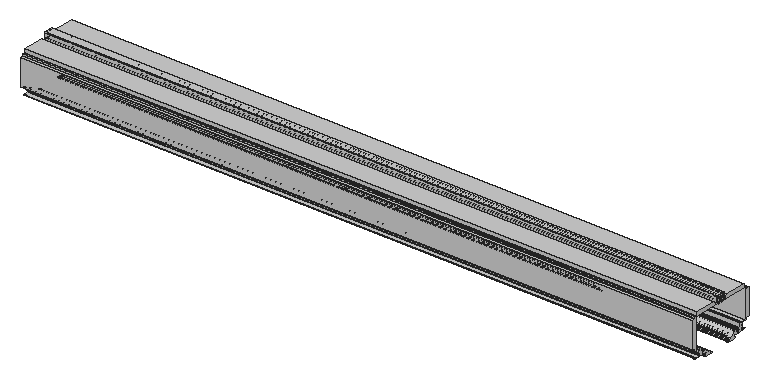
Revit family "ALS-H02", category Electrical Fixtures, host Ceiling, Revit 2018
Family settings
  Host = Ceiling
  Maintain Annotation Orientation = No
  Round Connector Dimension = Use Diameter
  Part Type = Normal
  Always vertical = Yes
  Cut with Voids When Loaded = No
  Shared = No
  Room Calculation Point = No
Parameters (values of type "ALS-H02_12 FEET-UF")
  MATERIAL = UF-UNFINISHED MILL
  Busrun Length = 12' - 0"
Types (5): name | MATERIAL | Busrun Length
  ALS-H02_12 FEETCP | P WHITE | 10' - 0"
  ALS-H02_12 FEET-MB-BLACK | MB-BLACK | 12' - 0"
  ALS-H02_12 FEET-NT BRUSHED ALUMINIUM | NT ALUMINIUM | 12' - 0"
  ALS-H02_12 FEET-P WHITE | P WHITE | 10' - 0"
  ALS-H02_12 FEET-UF | UF-UNFINISHED MILL | 12' - 0"
Reference planes (in)
  plane 1 "Center (Front/Back)": y = 0
  plane 2: z = 0
  plane 3 "Center (Left/Right)": x = 0
  plane 4 "Ceiling": z = 157.48031
  plane 5: x = -72
  plane 6: x = 72
  plane 7: x = -60
  plane 8: x = 60
  plane 9: z = 159.81031
  plane 10: z = 174.81926
  plane 11: z = 162.81926
Lines and regions (in)
  Opening 1
    outline origin (0, 0, 157.48031) x (1, 0, 0) y (0, 1, 0)
      loop
        line (-72, 3.23094) -> (-72, -3.23096) -> (72, -3.23096) -> (72, 3.23094) -> (-72, 3.23094)
Dimensions and locks (in)
  equal spacing: host sketch curve, plane 3 "Center (Left/Right)", host sketch curve
  equal spacing: host sketch curve, plane 1 "Center (Front/Back)", host sketch curve
  host sketch curve to host sketch curve = 13' - 1.48031"  (x2)
  plane 4 "Ceiling" to host ceiling = 0' - 0"
  equal spacing: plane 5, plane 3 "Center (Left/Right)", plane 6
  plane 5 to plane 6 = 12' - 0"
  "Busrun Length": plane 5 to plane 6
  equal spacing: plane 7, plane 3 "Center (Left/Right)", plane 8
  plane 7 to plane 8 = 10' - 0"
  plane 4 "Ceiling" to plane 9 = 0' - 2.33"
  plane 11 to plane 10 = 1' - 0"
  locked: plane 11 to plane 9 at 3.00895
  aligned and locked: nested 1 to plane 1 "Center (Front/Back)"
  aligned and locked: plane 3 "Center (Left/Right)" to nested 1
  aligned and locked: nested 1 to plane 6
  aligned and locked: nested 1 to plane 5
  aligned and locked: Opening 1 sketch curve to plane 5
  aligned and locked: plane 6 to Opening 1 sketch curve
Automatic sketch dimensions
  plane 1 "Center (Front/Back)" to Opening 1 sketch curve = 0' - 3.23096"
  Opening 1 sketch curve to plane 1 "Center (Front/Back)" = 0' - 3.23094"
Nested families (in)
  nested 1: "ALSH02-BUS" at (0, 0, 157.48031), type "ALSH02-BUS"
    with Busrun Length 12' - 0"
Definition of nested family "ALSH02-BUS"
  Parameters (values of type "ALSH02-BUS")
    Busrun Material = none
    Busrun Length = 10' - 0"
  Reference planes (in)
    plane 1 "Center (Front/Back)": y = 0
    plane 2: z = 0
    plane 3 "Center (Left/Right)": x = 0
    plane 4: x = -60
    plane 5: x = 60
  Forms (in)
    Extrusion 1, solid, material <- "Busrun Material"
      sketch origin (0, 0, -0.12912) x (0, 1, 0) y (0, 0, 1)
        loop
          arc (-3.07616, 0.52782) -> (-3.05668, 0.53772) -> (-3.03721, 0.52782) r 0.02411
          arc (-3.03721, 0.52782) -> (-2.92021, 0.5743) -> (-3.04511, 0.5901) r 0.065
          line (-3.04511, 0.5901) -> (-3.08222, 0.60663)
          arc (-3.08222, 0.60663) -> (-3.09282, 0.61874) -> (-3.09046, 0.63467) r 0.01918
          arc (-3.09046, 0.63467) -> (-3.0697, 0.6589) -> (-3.04349, 0.67708) r 0.125
          arc (-3.04349, 0.67708) -> (-3.03319, 0.69238) -> (-3.0405, 0.70931) r 0.01923
          line (-3.0405, 0.70931) -> (-3.41302, 1.00036)
          arc (-3.41302, 1.00036) -> (-3.4341, 1.00257) -> (-3.44533, 0.9846) r 0.02
          line (-3.44533, 0.9846) -> (-3.44533, 0.29112) -> (-2.56333, 0.29112)
          arc (-2.56333, 0.29112) -> (-2.54441, 0.30461) -> (-2.55101, 0.32688) r 0.02
          line (-2.55101, 0.32688) -> (-2.83513, 0.54886)
          arc (-2.83513, 0.54886) -> (-2.85163, 0.55151) -> (-2.86267, 0.53898) r 0.0173
          arc (-2.86267, 0.53898) -> (-2.96198, 0.44321) -> (-3.08895, 0.49717) r 0.125
          arc (-3.08895, 0.49717) -> (-3.09073, 0.5159) -> (-3.07616, 0.52782) r 0.02
        loop
          arc (3.07616, 0.52782) -> (3.09073, 0.5159) -> (3.08895, 0.49717) r 0.02
          arc (3.08895, 0.49717) -> (2.96198, 0.44321) -> (2.86267, 0.53898) r 0.125
          arc (2.86267, 0.53898) -> (2.85163, 0.55151) -> (2.83513, 0.54886) r 0.0173
          line (2.83513, 0.54886) -> (2.55101, 0.32688)
          arc (2.55101, 0.32688) -> (2.54441, 0.30461) -> (2.56333, 0.29112) r 0.02
          line (2.56333, 0.29112) -> (3.44533, 0.29112) -> (3.44533, 0.9846)
          arc (3.44533, 0.9846) -> (3.4341, 1.00257) -> (3.41302, 1.00036) r 0.02
          line (3.41302, 1.00036) -> (3.0405, 0.70931)
          arc (3.0405, 0.70931) -> (3.03319, 0.69238) -> (3.04349, 0.67708) r 0.01923
          arc (3.04349, 0.67708) -> (3.0697, 0.6589) -> (3.09046, 0.63467) r 0.125
          arc (3.09046, 0.63467) -> (3.09282, 0.61874) -> (3.08222, 0.60663) r 0.01918
          line (3.08222, 0.60663) -> (3.04511, 0.5901)
          arc (3.04511, 0.5901) -> (2.92021, 0.5743) -> (3.03721, 0.52782) r 0.065
          arc (3.03721, 0.52782) -> (3.05668, 0.53772) -> (3.07616, 0.52782) r 0.02411
        loop
          arc (2.20432, 0.15572) -> (2.19941, 0.13916) -> (2.21348, 0.12912) r 0.01487
          line (2.21348, 0.12912) -> (2.33271, 0.12912) -> (2.43638, 0.21012)
          arc (2.43638, 0.21012) -> (2.45638, 0.19012) -> (2.47638, 0.21012) r 0.02
          line (2.47638, 0.21012) -> (2.53638, 0.21012)
          arc (2.53638, 0.21012) -> (2.55638, 0.19012) -> (2.57638, 0.21012) r 0.02
          line (2.57638, 0.21012) -> (2.61638, 0.21012)
          arc (2.61638, 0.21012) -> (2.63638, 0.19012) -> (2.65638, 0.21012) r 0.02
          line (2.65638, 0.21012) -> (2.69638, 0.21012)
          arc (2.69638, 0.21012) -> (2.71638, 0.19012) -> (2.73638, 0.21012) r 0.02
          line (2.73638, 0.21012) -> (2.77638, 0.21012)
          arc (2.77638, 0.21012) -> (2.79638, 0.19012) -> (2.81638, 0.21012) r 0.02
          line (2.81638, 0.21012) -> (2.85638, 0.21012)
          arc (2.85638, 0.21012) -> (2.87638, 0.19012) -> (2.89638, 0.21012) r 0.02
          line (2.89638, 0.21012) -> (2.93638, 0.21012)
          arc (2.93638, 0.21012) -> (2.95638, 0.19012) -> (2.97638, 0.21012) r 0.02
          line (2.97638, 0.21012) -> (3.01638, 0.21012)
          arc (3.01638, 0.21012) -> (3.03638, 0.19012) -> (3.05638, 0.21012) r 0.02
          line (3.05638, 0.21012) -> (3.09638, 0.21012)
          arc (3.09638, 0.21012) -> (3.11638, 0.19012) -> (3.13638, 0.21012) r 0.02
          line (3.13638, 0.21012) -> (3.17638, 0.21012)
          arc (3.17638, 0.21012) -> (3.19638, 0.19012) -> (3.21638, 0.21012) r 0.02
          line (3.21638, 0.21012) -> (3.25638, 0.21012)
          arc (3.25638, 0.21012) -> (3.27638, 0.19012) -> (3.29638, 0.21012) r 0.02
          line (3.29638, 0.21012) -> (3.33638, 0.21012)
          arc (3.33638, 0.21012) -> (3.35638, 0.19012) -> (3.37638, 0.21012) r 0.02
          line (3.37638, 0.21012) -> (3.41638, 0.21012)
          arc (3.41638, 0.21012) -> (3.43638, 0.19012) -> (3.45638, 0.21012) r 0.02
          line (3.45638, 0.21012) -> (3.49638, 0.21012)
          arc (3.49638, 0.21012) -> (3.51638, 0.19012) -> (3.53638, 0.21012) r 0.02
          line (3.53638, 0.21012) -> (3.57638, 0.21012)
          arc (3.57638, 0.21012) -> (3.59638, 0.19012) -> (3.61638, 0.21012) r 0.02
          line (3.61638, 0.21012) -> (3.65638, 0.21012)
          arc (3.65638, 0.21012) -> (3.67638, 0.19012) -> (3.69638, 0.21012) r 0.02
          line (3.69638, 0.21012) -> (3.73638, 0.21012)
          arc (3.73638, 0.21012) -> (3.75638, 0.19012) -> (3.77638, 0.21012) r 0.02
          line (3.77638, 0.21012) -> (3.77638, 0.43012) -> (3.71638, 0.43012) -> (3.71638, 0.29012) -> (3.52638, 0.29012) -> (3.52638, 1.07012) -> (3.71638, 1.07012) -> (3.71638, 0.81512) -> (4.398, 0.81512) -> (4.398, 0.87512) -> (4.258, 0.87512) -> (4.258, 1.07012) -> (5.038, 1.07012) -> (5.038, 0.87512) -> (4.898, 0.87512) -> (4.898, 0.81512) -> (6.65793, 0.81512)
          arc (6.65793, 0.81512) -> (6.67283, 0.82129) -> (6.679, 0.83619) r 0.02107
          line (6.679, 0.83619) -> (6.679, 0.89512) -> (6.63899, 0.89512) -> (6.60522, 0.87562) -> (5.468, 0.87562) -> (5.388, 0.95562) -> (5.388, 1.45562) -> (5.638, 1.45562) -> (5.638, 1.67562) -> (5.578, 1.67562) -> (5.578, 1.53562) -> (5.388, 1.53562) -> (5.388, 2.31562) -> (5.578, 2.31562) -> (5.578, 2.17562) -> (5.638, 2.17562) -> (5.638, 2.39562) -> (5.288, 2.39562) -> (5.288, 1.55825)
          arc (5.288, 1.55825) -> (5.27284, 1.53884) -> (5.25034, 1.54885) r 0.02
          arc (5.25034, 1.54885) -> (5.14545, 1.615) -> (5.03519, 1.55824) r 0.125
          arc (5.03519, 1.55824) -> (5.03294, 1.54208) -> (5.04391, 1.53) r 0.01925
          line (5.04391, 1.53) -> (5.07993, 1.51495)
          arc (5.07993, 1.51495) -> (5.20438, 1.49905) -> (5.08895, 1.44989) r 0.065
          arc (5.08895, 1.44989) -> (5.07566, 1.45838) -> (5.05998, 1.45679) r 0.02398
          line (5.05998, 1.45679) -> (5.02524, 1.44058)
          arc (5.02524, 1.44058) -> (5.1349, 1.36523) -> (5.25034, 1.4314) r 0.125
          arc (5.25034, 1.4314) -> (5.27284, 1.4414) -> (5.288, 1.422) r 0.02
          line (5.288, 1.422) -> (5.288, 0.91562) -> (5.138, 0.91562) -> (5.138, 1.17012) -> (4.158, 1.17012) -> (4.158, 0.91562) -> (3.81638, 0.91562) -> (3.81638, 1.15794) -> (3.65824, 1.15794) -> (3.65824, 1.19012) -> (4.00652, 1.46223)
          arc (4.00652, 1.46223) -> (4.02407, 1.46543) -> (4.0367, 1.45282) r 0.01922
          arc (4.0367, 1.45282) -> (4.13817, 1.3664) -> (4.25991, 1.42064) r 0.125
          arc (4.25991, 1.42064) -> (4.26243, 1.43895) -> (4.24958, 1.45223) r 0.02112
          line (4.24958, 1.45223) -> (4.21575, 1.46454)
          arc (4.21575, 1.46454) -> (4.09162, 1.48114) -> (4.20646, 1.5311) r 0.065
          arc (4.20646, 1.5311) -> (4.22051, 1.52227) -> (4.23703, 1.52386) r 0.02574
          line (4.23703, 1.52386) -> (4.27097, 1.53918)
          arc (4.27097, 1.53918) -> (4.2249, 1.59442) -> (4.156, 1.61512) r 0.125
          line (4.156, 1.61512) -> (4.07227, 1.61512) -> (2.20432, 0.15572)
        loop
          line (-2.20432, 0.15572) -> (-4.07227, 1.61512) -> (-4.156, 1.61512)
          arc (-4.156, 1.61512) -> (-4.2249, 1.59442) -> (-4.27097, 1.53918) r 0.125
          line (-4.27097, 1.53918) -> (-4.23703, 1.52386)
          arc (-4.23703, 1.52386) -> (-4.22051, 1.52227) -> (-4.20646, 1.5311) r 0.02574
          arc (-4.20646, 1.5311) -> (-4.09162, 1.48114) -> (-4.21575, 1.46454) r 0.065
          line (-4.21575, 1.46454) -> (-4.24958, 1.45223)
          arc (-4.24958, 1.45223) -> (-4.26243, 1.43895) -> (-4.25991, 1.42064) r 0.02112
          arc (-4.25991, 1.42064) -> (-4.13817, 1.3664) -> (-4.0367, 1.45282) r 0.125
          arc (-4.0367, 1.45282) -> (-4.02407, 1.46543) -> (-4.00652, 1.46223) r 0.01922
          line (-4.00652, 1.46223) -> (-3.65824, 1.19012) -> (-3.65824, 1.15794) -> (-3.81638, 1.15794) -> (-3.81638, 0.91562) -> (-4.158, 0.91562) -> (-4.158, 1.17012) -> (-5.138, 1.17012) -> (-5.138, 0.91562) -> (-5.288, 0.91562) -> (-5.288, 1.422)
          arc (-5.288, 1.422) -> (-5.27284, 1.4414) -> (-5.25034, 1.4314) r 0.02
          arc (-5.25034, 1.4314) -> (-5.1349, 1.36523) -> (-5.02524, 1.44058) r 0.125
          line (-5.02524, 1.44058) -> (-5.05998, 1.45679)
          arc (-5.05998, 1.45679) -> (-5.07566, 1.45838) -> (-5.08895, 1.44989) r 0.02398
          arc (-5.08895, 1.44989) -> (-5.20438, 1.49905) -> (-5.07993, 1.51495) r 0.065
          line (-5.07993, 1.51495) -> (-5.04391, 1.53)
          arc (-5.04391, 1.53) -> (-5.03294, 1.54208) -> (-5.03519, 1.55824) r 0.01925
          arc (-5.03519, 1.55824) -> (-5.14545, 1.615) -> (-5.25034, 1.54885) r 0.125
          arc (-5.25034, 1.54885) -> (-5.27284, 1.53884) -> (-5.288, 1.55825) r 0.02
          line (-5.288, 1.55825) -> (-5.288, 2.39562) -> (-5.638, 2.39562) -> (-5.638, 2.17562) -> (-5.578, 2.17562) -> (-5.578, 2.31562) -> (-5.388, 2.31562) -> (-5.388, 1.53562) -> (-5.578, 1.53562) -> (-5.578, 1.67562) -> (-5.638, 1.67562) -> (-5.638, 1.45562) -> (-5.388, 1.45562) -> (-5.388, 0.95562) -> (-5.468, 0.87562) -> (-6.60522, 0.87562) -> (-6.63899, 0.89512) -> (-6.679, 0.89512) -> (-6.679, 0.83619)
          arc (-6.679, 0.83619) -> (-6.67283, 0.82129) -> (-6.65793, 0.81512) r 0.02107
          line (-6.65793, 0.81512) -> (-4.898, 0.81512) -> (-4.898, 0.87512) -> (-5.038, 0.87512) -> (-5.038, 1.07012) -> (-4.258, 1.07012) -> (-4.258, 0.87512) -> (-4.398, 0.87512) -> (-4.398, 0.81512) -> (-3.71638, 0.81512) -> (-3.71638, 1.07012) -> (-3.52638, 1.07012) -> (-3.52638, 0.29012) -> (-3.71638, 0.29012) -> (-3.71638, 0.43012) -> (-3.77638, 0.43012) -> (-3.77638, 0.21012)
          arc (-3.77638, 0.21012) -> (-3.75638, 0.19012) -> (-3.73638, 0.21012) r 0.02
          line (-3.73638, 0.21012) -> (-3.69638, 0.21012)
          arc (-3.69638, 0.21012) -> (-3.67638, 0.19012) -> (-3.65638, 0.21012) r 0.02
          line (-3.65638, 0.21012) -> (-3.61638, 0.21012)
          arc (-3.61638, 0.21012) -> (-3.59638, 0.19012) -> (-3.57638, 0.21012) r 0.02
          line (-3.57638, 0.21012) -> (-3.53638, 0.21012)
          arc (-3.53638, 0.21012) -> (-3.51638, 0.19012) -> (-3.49638, 0.21012) r 0.02
          line (-3.49638, 0.21012) -> (-3.45638, 0.21012)
          arc (-3.45638, 0.21012) -> (-3.43638, 0.19012) -> (-3.41638, 0.21012) r 0.02
          line (-3.41638, 0.21012) -> (-3.37638, 0.21012)
          arc (-3.37638, 0.21012) -> (-3.35638, 0.19012) -> (-3.33638, 0.21012) r 0.02
          line (-3.33638, 0.21012) -> (-3.29638, 0.21012)
          arc (-3.29638, 0.21012) -> (-3.27638, 0.19012) -> (-3.25638, 0.21012) r 0.02
          line (-3.25638, 0.21012) -> (-3.21638, 0.21012)
          arc (-3.21638, 0.21012) -> (-3.19638, 0.19012) -> (-3.17638, 0.21012) r 0.02
          line (-3.17638, 0.21012) -> (-3.13638, 0.21012)
          arc (-3.13638, 0.21012) -> (-3.11638, 0.19012) -> (-3.09638, 0.21012) r 0.02
          line (-3.09638, 0.21012) -> (-3.05638, 0.21012)
          arc (-3.05638, 0.21012) -> (-3.03638, 0.19012) -> (-3.01638, 0.21012) r 0.02
          line (-3.01638, 0.21012) -> (-2.97638, 0.21012)
          arc (-2.97638, 0.21012) -> (-2.95638, 0.19012) -> (-2.93638, 0.21012) r 0.02
          line (-2.93638, 0.21012) -> (-2.89638, 0.21012)
          arc (-2.89638, 0.21012) -> (-2.87638, 0.19012) -> (-2.85638, 0.21012) r 0.02
          line (-2.85638, 0.21012) -> (-2.81638, 0.21012)
          arc (-2.81638, 0.21012) -> (-2.79638, 0.19012) -> (-2.77638, 0.21012) r 0.02
          line (-2.77638, 0.21012) -> (-2.73638, 0.21012)
          arc (-2.73638, 0.21012) -> (-2.71638, 0.19012) -> (-2.69638, 0.21012) r 0.02
          line (-2.69638, 0.21012) -> (-2.65638, 0.21012)
          arc (-2.65638, 0.21012) -> (-2.63638, 0.19012) -> (-2.61638, 0.21012) r 0.02
          line (-2.61638, 0.21012) -> (-2.57638, 0.21012)
          arc (-2.57638, 0.21012) -> (-2.55638, 0.19012) -> (-2.53638, 0.21012) r 0.02
          line (-2.53638, 0.21012) -> (-2.47638, 0.21012)
          arc (-2.47638, 0.21012) -> (-2.45638, 0.19012) -> (-2.43638, 0.21012) r 0.02
          line (-2.43638, 0.21012) -> (-2.33271, 0.12912) -> (-2.21348, 0.12912)
          arc (-2.21348, 0.12912) -> (-2.19941, 0.13916) -> (-2.20432, 0.15572) r 0.01487
      from -60 to 60
    Extrusion 2, solid, material <- "Busrun Material"
      sketch origin (0, 0, 0) x (0, 1, 0) y (0, 0, 1)
        loop
          line (5.638, 1.3265) -> (5.388, 1.3265) -> (5.388, 1.2905) -> (5.628, 1.2905)
          arc (5.628, 1.2905) -> (5.66053, 1.30397) -> (5.674, 1.3365) r 0.046
          line (5.674, 1.3365) -> (5.674, 2.2805) -> (6.6905, 2.2805)
          arc (6.6905, 2.2805) -> (6.72303, 2.29397) -> (6.7365, 2.3265) r 0.046
          line (6.7365, 2.3265) -> (6.7365, 2.6915) -> (7.4865, 2.6915) -> (7.4865, 8.2965) -> (6.7365, 8.2965) -> (6.7365, 8.6615)
          arc (6.7365, 8.6615) -> (6.72303, 8.69403) -> (6.6905, 8.7075) r 0.046
          line (6.6905, 8.7075) -> (6.3255, 8.7075) -> (6.3255, 9.4575) -> (1.7855, 9.4575) -> (1.4105, 9.0825) -> (1.4105, 8.7075) -> (0.9105, 8.7075) -> (0.9105, 10.1615)
          arc (0.9105, 10.1615) -> (0.89703, 10.19403) -> (0.8645, 10.2075) r 0.046
          line (0.8645, 10.2075) -> (-0.813, 10.2075) -> (-0.813, 10.1715) -> (0.8745, 10.1715) -> (0.8745, 8.6715) -> (4.47995, 8.6715) -> (6.7005, 8.6715) -> (6.7005, 2.3165) -> (5.684, 2.3165)
          arc (5.684, 2.3165) -> (5.65147, 2.30303) -> (5.638, 2.2705) r 0.046
          line (5.638, 2.2705) -> (5.638, 1.3265)
        loop
          line (-5.638, 1.3265) -> (-5.638, 2.2705)
          arc (-5.638, 2.2705) -> (-5.65147, 2.30303) -> (-5.684, 2.3165) r 0.046
          line (-5.684, 2.3165) -> (-6.7005, 2.3165) -> (-6.7005, 8.6715) -> (-4.47995, 8.6715) -> (-0.8745, 8.6715) -> (-0.8745, 10.2425) -> (0.875, 10.2425) -> (0.875, 10.2785) -> (-0.8645, 10.2785)
          arc (-0.8645, 10.2785) -> (-0.89703, 10.26503) -> (-0.9105, 10.2325) r 0.046
          line (-0.9105, 10.2325) -> (-0.9105, 8.7075) -> (-1.4105, 8.7075) -> (-1.4105, 9.0825) -> (-1.7855, 9.4575) -> (-6.3255, 9.4575) -> (-6.3255, 8.7105) -> (-6.68945, 8.7105)
          arc (-6.68945, 8.7105) -> (-6.72198, 8.69703) -> (-6.73545, 8.6645) r 0.046
          line (-6.73545, 8.6645) -> (-6.73545, 8.2965) -> (-7.4865, 8.2965) -> (-7.4865, 2.6915) -> (-6.7365, 2.6915) -> (-6.7365, 2.3265)
          arc (-6.7365, 2.3265) -> (-6.72303, 2.29397) -> (-6.6905, 2.2805) r 0.046
          line (-6.6905, 2.2805) -> (-5.674, 2.2805) -> (-5.674, 1.3365)
          arc (-5.674, 1.3365) -> (-5.66053, 1.30397) -> (-5.628, 1.2905) r 0.046
          line (-5.628, 1.2905) -> (-5.388, 1.2905) -> (-5.388, 1.3265) -> (-5.638, 1.3265)
      from -60 to 60
    Extrusion 3, solid, material <- "Busrun Material"
      sketch origin (0, 0, 0) x (0, 1, 0) y (0, 0, 1)
        loop
          line (-0.52546, 9.09529) -> (-0.52546, 8.461) -> (-0.41546, 8.461) -> (-0.41546, 8.78254) -> (-0.46346, 8.7838) -> (-0.46346, 8.859) -> (-0.41546, 8.957) -> (-0.42046, 9.257) -> (-0.46346, 9.257) -> (-0.46346, 9.762) -> (-0.41546, 9.762) -> (-0.38046, 9.887) -> (-0.02546, 9.887) -> (0.32954, 9.887) -> (0.36454, 9.762) -> (0.41254, 9.762) -> (0.41254, 9.257) -> (0.36954, 9.257) -> (0.36454, 8.957) -> (0.41254, 8.859) -> (0.41254, 8.7838) -> (0.36454, 8.78254) -> (0.36454, 8.461) -> (0.47454, 8.461) -> (0.47454, 9.09529)
          arc (0.47454, 9.09529) -> (0.46548, 9.21892) -> (0.54393, 9.12293) r 0.065
          arc (0.54393, 9.12293) -> (0.56045, 9.07775) -> (0.59903, 9.1065) r 0.03
          line (0.59903, 9.1065) -> (0.59903, 9.24539) -> (0.47454, 9.461) -> (0.47454, 9.967) -> (0.4309, 10.2145) -> (0.27454, 10.2145) -> (0.27454, 10.1545) -> (0.36454, 10.1545) -> (0.36454, 9.967) -> (-0.0355, 9.967) -> (-0.41546, 9.967) -> (-0.41546, 10.1545) -> (-0.32546, 10.1545) -> (-0.32546, 10.2145) -> (-0.48182, 10.2145) -> (-0.52546, 9.967) -> (-0.52546, 9.461) -> (-0.64994, 9.24539) -> (-0.64994, 9.1065)
          arc (-0.64994, 9.1065) -> (-0.61137, 9.07775) -> (-0.59484, 9.12293) r 0.03
          arc (-0.59484, 9.12293) -> (-0.5164, 9.21892) -> (-0.52546, 9.09529) r 0.065
      from -60 to 60
  Dimensions and locks (in)
    equal spacing: plane 4, plane 3 "Center (Left/Right)", plane 5
    "Busrun Length": plane 4 to plane 5
    aligned and locked: level to plane 2
    aligned and locked: Extrusion 1 to plane 4
    aligned and locked: Extrusion 1 to plane 5
    aligned and locked: Extrusion 2 to plane 5
    aligned and locked: Extrusion 2 to plane 4
    aligned and locked: Extrusion 3 to plane 4
    aligned and locked: Extrusion 3 to plane 5
  Automatic sketch dimensions
    Extrusion 1 sketch curve to Extrusion 1 sketch curve = 0' - 0"  (x35)
    Extrusion 1 sketch curve to level = 0' - 0"  (x2)
    level to Extrusion 1 sketch curve = 0' - 0.70707"
    plane 1 "Center (Front/Back)" to Extrusion 1 sketch curve = 0' - 6.679"
    Extrusion 1 sketch curve to Extrusion 1 sketch curve = 0' - 0.02107"  (x2)
    level to Extrusion 1 sketch curve = 0' - 0.766"  (x2)
    Extrusion 1 sketch curve to Extrusion 1 sketch curve = 0' - 0.04001"
    Extrusion 1 sketch curve to Extrusion 1 sketch curve = 0' - 0.03377"  (x2)
    Extrusion 1 sketch curve to Extrusion 1 sketch curve = 0' - 0.96722"  (x2)
    Extrusion 1 sketch curve to Extrusion 1 sketch curve = 0' - 0.06"  (x10)
    level to Extrusion 1 sketch curve = 0' - 0.7465"  (x2)
    Extrusion 1 sketch curve to Extrusion 1 sketch curve = 0' - 0.17"
    Extrusion 1 sketch curve to Extrusion 1 sketch curve = 0' - 0.19"  (x4)
    Extrusion 1 sketch curve to Extrusion 1 sketch curve = 0' - 0.1"  (x11)
    Extrusion 1 sketch curve to Extrusion 1 sketch curve = 0' - 0.02"  (x41)
    Extrusion 1 sketch curve to Extrusion 1 sketch curve = 0' - 0.128"  (x2)
    Extrusion 1 sketch curve to Extrusion 1 sketch curve = 0' - 0.15"
    level to Extrusion 1 sketch curve = 0' - 1.38583"  (x2)
    Extrusion 1 sketch curve to Extrusion 1 sketch curve = 0' - 0.06007"  (x2)
    Extrusion 1 sketch curve to Extrusion 1 sketch curve = 0' - 0.00982"
    level to Extrusion 1 sketch curve = 0' - 1.32766"  (x2)
    Extrusion 1 sketch curve to Extrusion 1 sketch curve = 0' - 0.01013"  (x2)
    Extrusion 1 sketch curve to Extrusion 1 sketch curve = 0' - 0.0286"
    level to Extrusion 1 sketch curve = 0' - 1.40087"  (x2)
    Extrusion 1 sketch curve to Extrusion 1 sketch curve = 0' - 0.00742"  (x2)
    level to Extrusion 1 sketch curve = 0' - 1.31146"  (x2)
    Extrusion 1 sketch curve to Extrusion 1 sketch curve = 0' - 0.03474"  (x2)
    Extrusion 1 sketch curve to Extrusion 1 sketch curve = 0' - 0.14"  (x10)
    Extrusion 1 sketch curve to Extrusion 1 sketch curve = 0' - 0 1/2"  (x4)
    level to Extrusion 1 sketch curve = 0' - 1.41005"  (x2)
    Extrusion 1 sketch curve to Extrusion 1 sketch curve = 0' - 0.12703"
    level to Extrusion 1 sketch curve = 0' - 1.32311"  (x2)
    Extrusion 1 sketch curve to Extrusion 1 sketch curve = 0' - 0.0214"
    Extrusion 1 sketch curve to Extrusion 1 sketch curve = 0' - 0.00722"  (x2)
    level to Extrusion 1 sketch curve = 0' - 1.39474"  (x2)
    Extrusion 1 sketch curve to Extrusion 1 sketch curve = 0' - 0.03395"  (x2)
    Extrusion 1 sketch curve to Extrusion 1 sketch curve = 0' - 0.01059"  (x2)
    level to Extrusion 1 sketch curve = 0' - 1.33542"  (x2)
    Extrusion 1 sketch curve to Extrusion 1 sketch curve = 0' - 0.03382"
    Extrusion 1 sketch curve to Extrusion 1 sketch curve = 0' - 0.07044"
    level to Extrusion 1 sketch curve = 0' - 1.486"
    Extrusion 1 sketch curve to Extrusion 1 sketch curve = 0' - 0.08373"
    Extrusion 1 sketch curve to Extrusion 1 sketch curve = 0' - 0.13765"  (x2)
    level to Extrusion 1 sketch curve = 0' - 1.3331"  (x2)
    Extrusion 1 sketch curve to Extrusion 1 sketch curve = 0' - 0.01183"  (x2)
    Extrusion 1 sketch curve to Extrusion 1 sketch curve = 0' - 0.34162"
    Extrusion 1 sketch curve to Extrusion 1 sketch curve = 0' - 0.04"  (x34)
    Extrusion 1 sketch curve to Extrusion 1 sketch curve = 0' - 0.05814"
    Extrusion 1 sketch curve to Extrusion 1 sketch curve = 0' - 0.13186"  (x2)
    Extrusion 1 sketch curve to Extrusion 1 sketch curve = 0' - 0.08105"
    level to Extrusion 1 sketch curve = 0' - 0.87123"  (x2)
    Extrusion 1 sketch curve to Extrusion 1 sketch curve = 0' - 0.01231"  (x4)
    level to Extrusion 1 sketch curve = 0' - 0.47751"  (x2)
    Extrusion 1 sketch curve to Extrusion 1 sketch curve = 0' - 0.01416"
    Extrusion 1 sketch curve to Extrusion 1 sketch curve = 0' - 0 1/128"  (x2)
    Extrusion 1 sketch curve to Extrusion 1 sketch curve = 0' - 0.00995"
    Extrusion 1 sketch curve to Extrusion 1 sketch curve = 0' - 0.01559"  (x2)
    Extrusion 1 sketch curve to Extrusion 1 sketch curve = 0' - 0.02208"
    level to Extrusion 1 sketch curve = 0' - 0.46098"  (x2)
    Extrusion 1 sketch curve to Extrusion 1 sketch curve = 0' - 0.03711"
    level to Extrusion 1 sketch curve = 0' - 0.58019"  (x2)
    Extrusion 1 sketch curve to Extrusion 1 sketch curve = 0' - 0.01184"  (x2)
    Extrusion 1 sketch curve to Extrusion 1 sketch curve = 0' - 0.05918"  (x2)
    Extrusion 1 sketch curve to Extrusion 1 sketch curve = 0' - 0.00124"  (x2)
    Extrusion 1 sketch curve to Extrusion 1 sketch curve = 0' - 0.13891"  (x2)
    level to Extrusion 1 sketch curve = 0' - 0.41974"  (x2)
    Extrusion 1 sketch curve to Extrusion 1 sketch curve = 0' - 0.01065"  (x2)
    Extrusion 1 sketch curve to Extrusion 1 sketch curve = 0' - 0.01306"
    level to Extrusion 1 sketch curve = 0' - 0.19776"  (x2)
    Extrusion 1 sketch curve to Extrusion 1 sketch curve = 0' - 0.10368"  (x2)
    level to Extrusion 1 sketch curve = 0' - 0.01487"
    Extrusion 1 sketch curve to Extrusion 1 sketch curve = 0' - 0.11923"  (x2)
    level to Extrusion 1 sketch curve = 0' - 0.0266"  (x2)
    Extrusion 1 sketch curve to plane 1 "Center (Front/Back)" = 0' - 2.20432"
    Extrusion 1 sketch curve to Extrusion 1 sketch curve = 0' - 0.00916"
    Extrusion 1 sketch curve to Extrusion 1 sketch curve = 0' - 0.01463"
    Extrusion 1 sketch curve to Extrusion 1 sketch curve = 0' - 0.01875"
    Extrusion 1 sketch curve to Extrusion 1 sketch curve = 0' - 0.05457"
    Extrusion 1 sketch curve to Extrusion 1 sketch curve = 0' - 0.01158"
    Extrusion 1 sketch curve to Extrusion 1 sketch curve = 0' - 0.02931"
    Extrusion 1 sketch curve to Extrusion 1 sketch curve = 0' - 0.37252"
    Extrusion 1 sketch curve to Extrusion 1 sketch curve = 0' - 0.00895"
    Extrusion 1 sketch curve to Extrusion 1 sketch curve = 0' - 0.01"
    Extrusion 1 sketch curve to Extrusion 1 sketch curve = 0' - 0.19014"
    Extrusion 1 sketch curve to Extrusion 1 sketch curve = 0' - 0.06576"
    Extrusion 1 sketch curve to Extrusion 1 sketch curve = 0' - 0.13965"
    Extrusion 1 sketch curve to Extrusion 1 sketch curve = 0' - 0.05975"
    Extrusion 1 sketch curve to Extrusion 1 sketch curve = 0' - 0.01069"
    Extrusion 1 sketch curve to Extrusion 1 sketch curve = 0' - 0.0266"
    Extrusion 1 sketch curve to Extrusion 1 sketch curve = 0' - 0.12724"
    Extrusion 1 sketch curve to Extrusion 1 sketch curve = 0' - 0.01867"
    Extrusion 1 sketch curve to Extrusion 1 sketch curve = 0' - 0.03602"
    Extrusion 1 sketch curve to Extrusion 1 sketch curve = 0' - 0.08"  (x7)
    Extrusion 1 sketch curve to Extrusion 1 sketch curve = 0' - 0.05271"
    level to Extrusion 1 sketch curve = 0' - 0.081"  (x2)
    Extrusion 1 sketch curve to Extrusion 1 sketch curve = 0' - 0.001"
    Extrusion 1 sketch curve to Extrusion 1 sketch curve = 0' - 0.03576"
    Extrusion 1 sketch curve to Extrusion 1 sketch curve = 0' - 0.0819"  (x2)
    Extrusion 1 sketch curve to Extrusion 1 sketch curve = 0' - 0.00541"  (x2)
    Extrusion 1 sketch curve to Extrusion 1 sketch curve = 0' - 0.01364"  (x2)
    Extrusion 1 sketch curve to Extrusion 1 sketch curve = 0' - 0.02398"  (x2)
    Extrusion 1 sketch curve to Extrusion 1 sketch curve = 0' - 0.01752"  (x2)
    Extrusion 1 sketch curve to Extrusion 1 sketch curve = 0' - 0.01516"  (x2)
    Extrusion 1 sketch curve to Extrusion 1 sketch curve = 0' - 0.16947"
    Extrusion 1 sketch curve to Extrusion 1 sketch curve = 0' - 0.63711"
    Extrusion 1 sketch curve to Extrusion 1 sketch curve = 0' - 0.0605"
    Extrusion 1 sketch curve to Extrusion 1 sketch curve = 0' - 0.0405"  (x3)
    Extrusion 1 sketch curve to Extrusion 1 sketch curve = 0' - 0.1545"  (x3)
    Extrusion 1 sketch curve to Extrusion 1 sketch curve = 0' - 0.08553"
    Extrusion 1 sketch curve to Extrusion 1 sketch curve = 0' - 0.08781"  (x2)
    Extrusion 1 sketch curve to Extrusion 1 sketch curve = 0' - 0.03219"  (x2)
    Extrusion 1 sketch curve to Extrusion 1 sketch curve = 0' - 0.09295"  (x2)
    Extrusion 1 sketch curve to Extrusion 1 sketch curve = 0' - 0.01985"  (x2)
    Extrusion 1 sketch curve to Extrusion 1 sketch curve = 0' - 0.02173"  (x2)
    Extrusion 1 sketch curve to Extrusion 1 sketch curve = 0' - 0.01515"  (x2)
    Extrusion 1 sketch curve to Extrusion 1 sketch curve = 0' - 0.03362"  (x2)
    Extrusion 1 sketch curve to Extrusion 1 sketch curve = 0' - 0.02483"  (x2)
    Extrusion 1 sketch curve to Extrusion 1 sketch curve = 0' - 0.02558"
    Extrusion 1 sketch curve to Extrusion 1 sketch curve = 0' - 0.02346"  (x2)
    Extrusion 1 sketch curve to Extrusion 1 sketch curve = 0' - 0.01776"  (x2)
    Extrusion 1 sketch curve to Extrusion 1 sketch curve = 0' - 0.02262"  (x2)
    Extrusion 1 sketch curve to Extrusion 1 sketch curve = 0' - 0.01668"
    Extrusion 1 sketch curve to Extrusion 1 sketch curve = 0' - 0 1/256"  (x2)
    plane 1 "Center (Front/Back)" to Extrusion 2 sketch curve = 0' - 7.4865"
    Extrusion 2 sketch curve to Extrusion 2 sketch curve = 0' - 0 3/4"  (x3)
    Extrusion 2 sketch curve to Extrusion 2 sketch curve = 0' - 0.036"  (x12)
    Extrusion 2 sketch curve to Extrusion 2 sketch curve = 0' - 0.01"  (x12)
    Extrusion 2 sketch curve to Extrusion 2 sketch curve = 0' - 0 3/8"  (x6)
    Extrusion 2 sketch curve to Extrusion 2 sketch curve = 0' - 1.0065"  (x2)
    Extrusion 2 sketch curve to Extrusion 2 sketch curve = 0' - 0.24"  (x2)
    Extrusion 2 sketch curve to Extrusion 2 sketch curve = 0' - 1.84555"  (x2)
    plane 1 "Center (Front/Back)" to Extrusion 2 sketch curve = 0' - 1.7855"
    plane 1 "Center (Front/Back)" to Extrusion 2 sketch curve = 0' - 0.9105"
    Extrusion 2 sketch curve to Extrusion 2 sketch curve = 0' - 0.0515"
    Extrusion 2 sketch curve to plane 1 "Center (Front/Back)" = 0' - 0 7/8"
    Extrusion 2 sketch curve to Extrusion 2 sketch curve = 0' - 0 1/2"
    Extrusion 2 sketch curve to Extrusion 2 sketch curve = 0' - 2.69445"
    level to Extrusion 2 sketch curve = 0' - 1.3265"  (x2)
    Extrusion 2 sketch curve to plane 1 "Center (Front/Back)" = 0' - 5.388"
    Extrusion 2 sketch curve to Extrusion 2 sketch curve = 0' - 0.365"  (x4)
    Extrusion 2 sketch curve to Extrusion 2 sketch curve = 0' - 0.934"  (x2)
    Extrusion 2 sketch curve to Extrusion 2 sketch curve = 0' - 5.605"  (x2)
    Extrusion 2 sketch curve to Extrusion 2 sketch curve = 0' - 0"
    Extrusion 2 sketch curve to Extrusion 2 sketch curve = 0' - 0.704"
    Extrusion 2 sketch curve to Extrusion 2 sketch curve = 0' - 0.025"
    Extrusion 2 sketch curve to Extrusion 2 sketch curve = 0' - 0.03495"
    Extrusion 2 sketch curve to Extrusion 2 sketch curve = 0' - 0.0105"
    Extrusion 2 sketch curve to Extrusion 2 sketch curve = 0' - 0.01105"
    Extrusion 2 sketch curve to Extrusion 2 sketch curve = 0' - 0.007"
    plane 1 "Center (Front/Back)" to Extrusion 3 sketch curve = 0' - 0.64994"
    Extrusion 3 sketch curve to Extrusion 3 sketch curve = 0' - 0.03"  (x2)
    Extrusion 3 sketch curve to Extrusion 3 sketch curve = 0' - 0.07948"  (x2)
    Extrusion 3 sketch curve to Extrusion 3 sketch curve = 0' - 0.12448"
    plane 1 "Center (Front/Back)" to Extrusion 3 sketch curve = 0' - 0.52546"
    Extrusion 3 sketch curve to Extrusion 3 sketch curve = 0' - 0.04364"
    Extrusion 3 sketch curve to Extrusion 3 sketch curve = 0' - 0.062"  (x2)
    Extrusion 3 sketch curve to Extrusion 3 sketch curve = 0' - 0.043"
    Extrusion 3 sketch curve to Extrusion 3 sketch curve = 0' - 0.11"  (x4)
    Extrusion 3 sketch curve to Extrusion 3 sketch curve = 0' - 0.048"  (x4)
    Extrusion 3 sketch curve to Extrusion 3 sketch curve = 0' - 0.035"  (x3)
    Extrusion 3 sketch curve to Extrusion 3 sketch curve = 0' - 0.09"
    plane 1 "Center (Front/Back)" to Extrusion 3 sketch curve = 0' - 0.02546"
    Extrusion 3 sketch curve to plane 1 "Center (Front/Back)" = 0' - 0.27454"
    Extrusion 3 sketch curve to Extrusion 3 sketch curve = 0' - 0.055"
    Extrusion 3 sketch curve to plane 1 "Center (Front/Back)" = 0' - 0.36454"  (x2)
    Extrusion 3 sketch curve to Extrusion 3 sketch curve = 0' - 0.005"
    Extrusion 3 sketch curve to Extrusion 3 sketch curve = 0' - 0.06636"
    Extrusion 3 sketch curve to Extrusion 3 sketch curve = 0' - 0.015"
    level to Extrusion 3 sketch curve = 0' - 8.461"
    Extrusion 3 sketch curve to Extrusion 3 sketch curve = 0' - 0"  (x2)
    Extrusion 3 sketch curve to Extrusion 3 sketch curve = 0' - 0.32154"  (x2)
    Extrusion 3 sketch curve to Extrusion 3 sketch curve = 0' - 0.00126"  (x2)
    Extrusion 3 sketch curve to Extrusion 3 sketch curve = 0' - 0.0752"  (x2)
    Extrusion 3 sketch curve to Extrusion 3 sketch curve = 0' - 0.098"  (x2)
    Extrusion 3 sketch curve to Extrusion 3 sketch curve = 0' - 0.13829"  (x2)
    Extrusion 3 sketch curve to Extrusion 3 sketch curve = 0' - 0.01121"  (x2)
    Extrusion 3 sketch curve to Extrusion 3 sketch curve = 0' - 0.06325"  (x2)
    Extrusion 3 sketch curve to Extrusion 3 sketch curve = 0' - 0.12246"  (x2)
    Extrusion 3 sketch curve to Extrusion 3 sketch curve = 0' - 0.09847"  (x2)
    Extrusion 3 sketch curve to Extrusion 3 sketch curve = 0' - 0.204"  (x2)
    Extrusion 3 sketch curve to Extrusion 3 sketch curve = 0' - 0.301"  (x2)
    Extrusion 3 sketch curve to Extrusion 3 sketch curve = 0' - 0 1/8"
    Extrusion 3 sketch curve to Extrusion 3 sketch curve = 0' - 0.08"  (x2)
    Extrusion 3 sketch curve to Extrusion 3 sketch curve = 0' - 0 3/16"  (x2)
    Extrusion 3 sketch curve to Extrusion 3 sketch curve = 0' - 0.06"  (x2)
    plane 1 "Center (Front/Back)" to Extrusion 3 sketch curve = 0' - 0.0355"
